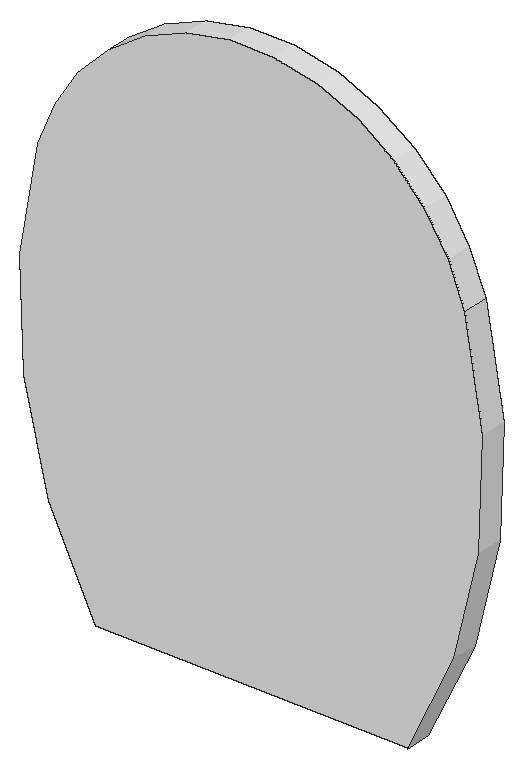
Revit family "Deca_Bacia Sanitária Aspen_P.750_Caixa Acoplada(1)", category Plumbing Fixtures, host Face, Revit 2010
Parameters (values of type "AP.75_Branco Gelo GE17")
  Vendido Separadamente = ""
  Variações de COR = "Branco (AP.75.17), Caramelo (AP.75.23), Creme (AP.75.37), Azul (AP.75.51), Verde (AP.75.60), Cinza (AP.75.87), Ébano (AP.75.95), Rosa (AP.75.89)"
  URL = "www.deca.com.br/produtos"
  Segmento = "Competitivo"
  Produto = "Assento Plástico para Bacia Aspen com Microban"
  Peso Liquido (Kg) = 1.12
  Norma = "Não se Aplica"
  Criado por = "Contino/quattroD"
  Assento Não = no
  Model = "AP.75.17"
  Material = "Deca_Polipropileno"
  Manufacturer = "Deca"
  Louça/Metais = "Louça"
  Linha = "Aspen"
  Informações Complementares = ""
  Description = "Assento Plástico para Bacia Aspen com Microban"
  Código = "AP.75.17"
  Atendimento ao Cliente = "0800-0117073"
  Assento = Deca GE17 Branco Gelo Plástico
  Assembly Code = "D2010110"
  Aprovado por = "Contino/quattroD"
  Acompanha o Produto = ""
  AP.75 = yes
Types (9, lengths in mm): name | Variações de COR | URL | Segmento | Produto | Peso Liquido (Kg) | Norma | Criado por | Assento Não | Model | Material | Manufacturer | Louça/Metais | Linha | Description | Código | Atendimento ao Cliente | Assento | Assembly Code | Aprovado por | AP.75
  AP.75_Azul AZ51 | "Branco (AP.75.17), Caramelo (AP.75.23), Creme (AP.75.37), Azul (AP.75.51), Verde (AP.75.60), Cinza (AP.75.87), Ébano (AP.75.95), Rosa (AP.75.89)" | "www.deca.com.br/produtos" | "Competitivo" | "Assento Plástico para Bacia Aspen com Microban" | 1.12 | "Não se Aplica" | "Contino/quattroD" | no | "AP.75.51" | "Deca_Polipropileno" | "Deca" | "Louça" | "Aspen" | "Assento Plástico para Bacia Aspen com Microban" | "AP.75.51" | "0800-0117073" | Deca AZ51 Azul Plástico | "D2010110" | "Contino/quattroD" | yes
  AP.75_Rosa RO89 | "Branco (AP.75.17), Caramelo (AP.75.23), Creme (AP.75.37), Azul (AP.75.51), Verde (AP.75.60), Cinza (AP.75.87), Ébano (AP.75.95), Rosa (AP.75.89)" | "www.deca.com.br/produtos" | "Competitivo" | "Assento Plástico para Bacia Aspen com Microban" | 1.12 | "Não se Aplica" | "Contino/quattroD" | no | "AP.75.89" | "Deca_Polipropileno" | "Deca" | "Louça" | "Aspen" | "Assento Plástico para Bacia Aspen com Microban" | "AP.75.89" | "0800-0117073" | Deca RO89 Rosa Plástico | "D2010110" | "Contino/quattroD" | yes
  AP.75_Branco Gelo GE17 | "Branco (AP.75.17), Caramelo (AP.75.23), Creme (AP.75.37), Azul (AP.75.51), Verde (AP.75.60), Cinza (AP.75.87), Ébano (AP.75.95), Rosa (AP.75.89)" | "www.deca.com.br/produtos" | "Competitivo" | "Assento Plástico para Bacia Aspen com Microban" | 1.12 | "Não se Aplica" | "Contino/quattroD" | no | "AP.75.17" | "Deca_Polipropileno" | "Deca" | "Louça" | "Aspen" | "Assento Plástico para Bacia Aspen com Microban" | "AP.75.17" | "0800-0117073" | Deca GE17 Branco Gelo Plástico | "D2010110" | "Contino/quattroD" | yes
  AP.75_Creme CR37 | "Branco (AP.75.17), Caramelo (AP.75.23), Creme (AP.75.37), Azul (AP.75.51), Verde (AP.75.60), Cinza (AP.75.87), Ébano (AP.75.95), Rosa (AP.75.89)" | "www.deca.com.br/produtos" | "Competitivo" | "Assento Plástico para Bacia Aspen com Microban" | 1.12 | "Não se Aplica" | "Contino/quattroD" | no | "AP.75.37" | "Deca_Polipropileno" | "Deca" | "Louça" | "Aspen" | "Assento Plástico para Bacia Aspen com Microban" | "AP.75.37" | "0800-0117073" | Deca CR37 Creme Plástico | "D2010110" | "Contino/quattroD" | yes
  AP.75_Ébano EB95 | "Branco (AP.75.17), Caramelo (AP.75.23), Creme (AP.75.37), Azul (AP.75.51), Verde (AP.75.60), Cinza (AP.75.87), Ébano (AP.75.95), Rosa (AP.75.89)" | "www.deca.com.br/produtos" | "Competitivo" | "Assento Plástico para Bacia Aspen com Microban" | 1.12 | "Não se Aplica" | "Contino/quattroD" | no | "AP.75.95" | "Deca_Polipropileno" | "Deca" | "Louça" | "Aspen" | "Assento Plástico para Bacia Aspen com Microban" | "AP.75.95" | "0800-0117073" | Deca EB95 Ébano Plástico | "D2010110" | "Contino/quattroD" | yes
  AP.75_Caramelo CA23 | "Branco (AP.75.17), Caramelo (AP.75.23), Creme (AP.75.37), Azul (AP.75.51), Verde (AP.75.60), Cinza (AP.75.87), Ébano (AP.75.95), Rosa (AP.75.89)" | "www.deca.com.br/produtos" | "Competitivo" | "Assento Plástico para Bacia Aspen com Microban" | 1.12 | "Não se Aplica" | "Contino/quattroD" | no | "AP.75.23" | "Deca_Polipropileno" | "Deca" | "Louça" | "Aspen" | "Assento Plástico para Bacia Aspen com Microban" | "AP.75.23" | "0800-0117073" | Deca CA23 Caramelo Plástico | "D2010110" | "Contino/quattroD" | yes
  AP.75_Cinza Real CZ87 | "Branco (AP.75.17), Caramelo (AP.75.23), Creme (AP.75.37), Azul (AP.75.51), Verde (AP.75.60), Cinza (AP.75.87), Ébano (AP.75.95), Rosa (AP.75.89)" | "www.deca.com.br/produtos" | "Competitivo" | "Assento Plástico para Bacia Aspen com Microban" | 1.12 | "Não se Aplica" | "Contino/quattroD" | no | "AP.75.87" | "Deca_Polipropileno" | "Deca" | "Louça" | "Aspen" | "Assento Plástico para Bacia Aspen com Microban" | "AP.75.87" | "0800-0117073" | Deca CZ87 Cinza Real Plástico | "D2010110" | "Contino/quattroD" | yes
  Assento Não | "" | 0 | "" | "" | 0 | "" | "" | yes | "" | "" | 0 | "" | "" | "" | "" | "" | none | 0 | "" | no
  AP.75_Verde Malva VD60 | "Branco (AP.75.17), Caramelo (AP.75.23), Creme (AP.75.37), Azul (AP.75.51), Verde (AP.75.60), Cinza (AP.75.87), Ébano (AP.75.95), Rosa (AP.75.89)" | "www.deca.com.br/produtos" | "Competitivo" | "Assento Plástico para Bacia Aspen com Microban" | 1.12 | "Não se Aplica" | "Contino/quattroD" | no | "AP.75.60" | "Deca_Polipropileno" | "Deca" | "Louça" | "Aspen" | "Assento Plástico para Bacia Aspen com Microban" | "AP.75.60" | "0800-0117073" | Deca VD60 Verde Malva Plástico | "D2010110" | "Contino/quattroD" | yes
Reference planes
  plane 1 "Center (Front/Back)": y = 0
  plane 2: z = 0
  plane 3 "Center (Left/Right)": x = 0
Forms (mm)
  Extrusion 1, solid, material "Deca GE17 Branco Gelo Plástico" <- "Assento", visible <- "AP.75"
    sketch origin (0, -382.238, -138.906) x (1, 0, 0) y (0, 0, 1)
      loop
        arc (122.54, 128.75) -> (178.722, 285.53) -> (167.395, 451.687) r 406.949
        arc (167.395, 451.687) -> (0, 578.5) -> (-167.395, 451.687) r 173.889
        arc (-167.395, 451.687) -> (-178.722, 285.53) -> (-122.54, 128.75) r 406.949
        line (-122.54, 128.75) -> (122.54, 128.75)
    from -403.303 to -383.023
Lines and regions (mm)
  Masking region 1, visible <- "AP.75"
    outline origin (0, 0, -15) x (1, 0, 0) y (0, 0, 1)
      loop
        line (-64.536, 11.325) -> (64.536, 11.325)
        arc (64.536, 11.325) -> (75.729, 4.831) -> (86.677, 11.731) r 12.5
        arc (86.677, 11.731) -> (105.018, 20.204) -> (120.903, 32.687) r 86.806
        arc (120.903, 32.687) -> (162.46, 91.144) -> (182.124, 160.118) r 211.806
        arc (182.124, 160.118) -> (185.468, 223.611) -> (181.892, 287.09) r 584.258
        arc (181.892, 287.09) -> (174.182, 328.068) -> (160.412, 367.425) r 277.171
        arc (160.412, 367.425) -> (118.628, 421.425) -> (56.253, 449.197) r 139.805
        arc (56.253, 449.197) -> (28.23, 452.896) -> (0, 454.32) r 349.806
        arc (0, 454.32) -> (-28.23, 452.896) -> (-56.253, 449.197) r 349.806
        arc (-56.253, 449.197) -> (-118.628, 421.425) -> (-160.412, 367.425) r 139.805
        arc (-160.412, 367.425) -> (-174.182, 328.068) -> (-181.892, 287.09) r 277.171
        arc (-181.892, 287.09) -> (-185.468, 223.611) -> (-182.124, 160.118) r 584.258
        arc (-182.124, 160.118) -> (-162.46, 91.144) -> (-120.903, 32.687) r 211.806
        arc (-120.903, 32.687) -> (-105.018, 20.204) -> (-86.677, 11.731) r 86.806
        arc (-86.677, 11.731) -> (-75.729, 4.831) -> (-64.536, 11.325) r 12.5
  Masking region 2, visible <- "AP.75"
    outline origin (0, -749.901, -215.894) x (0, 0, -1) y (0, 1, 0)
      loop
        arc (-637.514, 782.849) -> (-641.802, 780.516) -> (-643.523, 775.948) r 7
        line (-643.523, 775.948) -> (-643.523, 775.078)
        arc (-643.523, 775.078) -> (-634.644, 773.972) -> (-625.708, 773.519) r 122.142
        arc (-625.708, 773.519) -> (-634.469, 772.879) -> (-643.132, 771.425) r 94.053
        arc (-643.132, 771.425) -> (-651.24, 766.629) -> (-654.864, 757.932) r 14.925
        line (-654.864, 757.932) -> (-655.275, 751.216)
        arc (-655.275, 751.216) -> (-655.14, 750.843) -> (-654.776, 750.685) r 0.5
        line (-654.776, 750.685) -> (-230.784, 750.685) -> (-230.784, 749.901) -> (-205.784, 749.901) -> (-205.784, 751.067)
        arc (-205.784, 751.067) -> (-208.448, 752.689) -> (-211.319, 753.909) r 21.531
        arc (-211.319, 753.909) -> (-212.239, 754.201) -> (-213.17, 754.451) r 21.531
        arc (-213.17, 754.451) -> (-212.039, 764.695) -> (-216.269, 774.093) r 19.571
        arc (-216.269, 774.093) -> (-217.677, 777.888) -> (-219.284, 781.604) r 76.149
        line (-219.284, 781.604) -> (-219.284, 784.36)
        arc (-219.284, 784.36) -> (-221.091, 789.053) -> (-225.579, 791.324) r 7
        arc (-225.579, 791.324) -> (-431.804, 799.612) -> (-637.514, 782.849) r 1700
  Masking region 3, visible <- "AP.75"
    outline origin (0, 0.785, 462.18) x (-1, 0, 0) y (0, -1, 0)
      loop
        arc (184.938, 0) -> (185.304, -0.159) -> (185.438, -0.536) r 0.5
        line (185.438, -0.536) -> (184.841, -10.285)
        arc (184.841, -10.285) -> (181.982, -18.184) -> (175.298, -23.274) r 14.876
        arc (175.298, -23.274) -> (175.737, -23.351) -> (176.132, -23.559) r 1.448
        line (176.132, -23.559) -> (176.132, -28.392)
        arc (176.132, -28.392) -> (174.144, -33.163) -> (169.577, -35.582) r 7.652
        arc (169.577, -35.582) -> (114.891, -42.405) -> (59.992, -47.215) r 1500.329
        arc (59.992, -47.215) -> (-0.031, -49.287) -> (-60.054, -47.215) r 870.329
        arc (-60.054, -47.215) -> (-114.953, -42.405) -> (-169.638, -35.582) r 1500.329
        arc (-169.638, -35.582) -> (-174.206, -33.163) -> (-176.194, -28.392) r 7.652
        line (-176.194, -28.392) -> (-176.194, -23.559)
        arc (-176.194, -23.559) -> (-175.799, -23.351) -> (-175.36, -23.274) r 1.448
        arc (-175.36, -23.274) -> (-182.043, -18.184) -> (-184.903, -10.285) r 14.876
        line (-184.903, -10.285) -> (-185.499, -0.536)
        arc (-185.499, -0.536) -> (-185.366, -0.159) -> (-185, 0) r 0.5
        line (-185, 0) -> (185, 0)
  symbolic lines, visible <- "AP.75"
    curve 1: arc (-114.489, 0, 22.69) -> (-154.617, 0, 79.481) -> (-173.11, 0, 146.516) r 202
    curve 2: arc (-172.646, 0, 269.059) -> (-167.129, 0, 300.958) -> (-157.796, 0, 331.956) r 267.358
    curve 3: arc (-54.957, 0, 422.606) -> (-27.579, 0, 426.204) -> (0, 0, 427.569) r 340
    curve 4: arc (-81.624, 0, 3.329) -> (-99.274, 0, 10.942) -> (-114.489, 0, 22.69) r 77
    curve 5: arc (-172.646, 0, 269.059) -> (-176.157, 0, 207.8) -> (-173.11, 0, 146.516) r 574.133
    curve 6: arc (-157.796, 0, 331.956) -> (-119.194, 0, 391.822) -> (-54.957, 0, 422.606) r 130.885
    curve 7: arc (114.489, 0, 22.69) -> (154.617, 0, 79.481) -> (173.11, 0, 146.516) r 202
    curve 8: arc (172.646, 0, 269.059) -> (167.129, 0, 300.958) -> (157.796, 0, 331.956) r 267.358
    curve 9: arc (54.957, 0, 422.606) -> (27.579, 0, 426.204) -> (0, 0, 427.569) r 340
    curve 10: line (-81.624, 0, 3.329) -> (81.624, 0, 3.329)
    curve 11: arc (81.624, 0, 3.329) -> (99.274, 0, 10.942) -> (114.489, 0, 22.69) r 77
    curve 12: arc (172.646, 0, 269.059) -> (176.157, 0, 207.8) -> (173.11, 0, 146.516) r 574.133
    curve 13: arc (157.796, 0, 331.956) -> (119.194, 0, 391.822) -> (54.957, 0, 422.606) r 130.885
    curve 14: line (-64.536, 0, -3.675) -> (-86.677, 0, -3.269)
    curve 15: line (64.536, 0, -3.675) -> (86.677, 0, -3.269)
    curve 16: line (-60.5, 0, -2.982) -> (-60.5, 0, 3.329)
    curve 17: line (-50.5, 0, -2.982) -> (-50.5, 0, 3.329)
    curve 18: line (-50.5, 0, -2.982) -> (-60.5, 0, -2.982)
    curve 19: line (60.5, 0, -2.982) -> (60.5, 0, 3.329)
    curve 20: line (50.5, 0, -2.982) -> (50.5, 0, 3.329)
    curve 21: line (50.5, 0, -2.982) -> (60.5, 0, -2.982)
    curve 22: line (0, 31.703, 3.39) -> (0, 27.984, 3.39)
    curve 23: line (0, 1.166, -10.11) -> (0, 1.166, -2.09)
    curve 24: line (0, 4.613, -2.74) -> (0, 1.166, -2.09)
    curve 25: arc (0, 1.166, -2.09) -> (0, 0.823, -1.812) -> (0, 0.785, -1.373) r 0.566
    curve 26: line (0, 0.785, -1.373) -> (0, 0.785, 14.89)
    curve 27: line (-58.867, 31.731, 0) -> (-59.992, 47.999, 0)
    curve 28: line (60.054, 47.999, 0) -> (58.929, 31.731, 0)
  symbolic lines, visible <- "Assento Não"
    curve 29: arc (44.697, 0, 382.209) -> (-0.045, 0, 391.224) -> (-44.787, 0, 382.209) r 115.534
    curve 30: arc (44.697, 0, 382.209) -> (85.799, 0, 355.191) -> (116.965, 0, 317.138) r 162.927
    curve 31: arc (116.965, 0, 317.138) -> (133.516, 0, 279.644) -> (140.761, 0, 239.304) r 172.615
    curve 32: arc (140.761, 0, 239.304) -> (141.939, 0, 198.796) -> (136.533, 0, 158.634) r 249.132
    curve 33: arc (136.533, 0, 158.634) -> (103.148, 0, 97.844) -> (44.834, 0, 60.299) r 141.123
    curve 34: arc (44.834, 0, 60.299) -> (24.979, 0, 55.206) -> (4.596, 0, 53.042) r 141.152
    curve 35: arc (-44.787, 0, 382.209) -> (-85.889, 0, 355.191) -> (-117.055, 0, 317.138) r 162.927
    curve 36: arc (-117.055, 0, 317.138) -> (-133.606, 0, 279.644) -> (-140.851, 0, 239.304) r 172.615
    curve 37: arc (-140.851, 0, 239.304) -> (-142.029, 0, 198.796) -> (-136.624, 0, 158.634) r 249.132
    curve 38: arc (-136.624, 0, 158.634) -> (-84.536, 0, 81.067) -> (4.596, 0, 53.042) r 141.123
    curve 39: arc (-46.358, 0, 373.331) -> (-0.045, 0, 383.919) -> (46.267, 0, 373.331) r 106.583
    curve 40: arc (46.267, 0, 373.331) -> (82.734, 0, 347.913) -> (109.41, 0, 312.355) r 140.184
    curve 41: arc (109.41, 0, 312.355) -> (124.152, 0, 274.245) -> (129.791, 0, 233.773) r 177.563
    curve 42: arc (46.157, 0, 77.727) -> (-0.045, 0, 69.166) -> (-46.247, 0, 77.727) r 128.947
    curve 43: arc (46.157, 0, 77.727) -> (100.175, 0, 116.954) -> (127.364, 0, 177.925) r 129.049
    curve 44: arc (129.791, 0, 233.773) -> (129.844, 0, 205.794) -> (127.364, 0, 177.925) r 308.71
    curve 45: arc (-46.358, 0, 373.331) -> (-82.825, 0, 347.913) -> (-109.5, 0, 312.355) r 140.184
    curve 46: arc (-109.5, 0, 312.355) -> (-124.242, 0, 274.245) -> (-129.882, 0, 233.773) r 177.563
    curve 47: arc (-46.247, 0, 77.727) -> (-100.265, 0, 116.954) -> (-127.454, 0, 177.925) r 129.049
    curve 48: arc (-129.882, 0, 233.773) -> (-129.935, 0, 205.794) -> (-127.454, 0, 177.925) r 308.71
    curve 49: arc (-67.045, 0, 1.892) -> (-75.045, 0, 9.892) -> (-83.045, 0, 1.892) r 8
    curve 50: arc (-83.045, 0, 1.892) -> (-75.045, 0, -6.108) -> (-67.045, 0, 1.892) r 8
    curve 51: arc (82.955, 0, 1.892) -> (74.955, 0, 9.892) -> (66.955, 0, 1.892) r 8
    curve 52: arc (66.955, 0, 1.892) -> (74.955, 0, -6.108) -> (82.955, 0, 1.892) r 8
    curve 53: arc (-51.868, 0, 255.807) -> (-47.006, 0, 264.646) -> (-39.146, 0, 270.969) r 26.001
    curve 54: arc (-39.146, 0, 270.969) -> (0.144, 0, 276.388) -> (39.4, 0, 270.734) r 142.065
    curve 55: arc (50.717, 0, 258.373) -> (46.081, 0, 265.49) -> (39.4, 0, 270.734) r 26.001
    curve 56: arc (-51.868, 0, 255.807) -> (-54.895, 0, 225.605) -> (-56.101, 0, 195.276) r 504.587
    curve 57: arc (50.717, 0, 258.373) -> (53.994, 0, 226.896) -> (55.291, 0, 195.276) r 504.587
    curve 58: arc (-56.101, 0, 195.276) -> (-52.773, 0, 185.058) -> (-43.946, 0, 178.93) r 16.85
    curve 59: arc (55.291, 0, 195.276) -> (50.504, 0, 183.717) -> (38.946, 0, 178.93) r 16.346
    curve 60: arc (38.946, 0, 178.93) -> (-2.5, 0, 173.627) -> (-43.946, 0, 178.93) r 164.605
    curve 61: arc (-141.21, 0, -44.892) -> (0, 0, -32.917) -> (141.233, 0, -44.628) r 847.858
    curve 62: arc (-174.441, 0, 159.838) -> (-176.673, 0, 236.825) -> (-161.106, 0, 312.254) r 332.01
    curve 63: arc (-161.106, 0, 312.254) -> (-99.257, 0, 396.882) -> (0.341, 0, 429.552) r 171.079
    curve 64: arc (176.474, 0, 170.218) -> (176.857, 0, 242.035) -> (161.788, 0, 312.254) r 332.01
    curve 65: arc (161.788, 0, 312.254) -> (99.939, 0, 396.882) -> (0.341, 0, 429.552) r 171.079
    curve 66: line (161.273, 0, 92.593) -> (131.783, 0, -43.345)
    curve 67: line (-161.273, 0, 92.593) -> (-131.783, 0, -43.345)
    curve 68: line (-161.273, 0, 92.593) -> (-174.441, 0, 159.838)
    curve 69: line (161.273, 0, 92.593) -> (176.474, 0, 170.218)
  symbolic lines
    curve 70: line (0, 23.618, 409.814) -> (0, 27.984, 3.39)
    curve 71: arc (-168.875, 36.232, 0) -> (-114.038, 29.906, 0) -> (-58.867, 31.731, 0) r 373.492
    curve 72: arc (-58.867, 31.731, 0) -> (0.031, 33.412, 0) -> (58.929, 31.731, 0) r 1032.662
    curve 73: arc (168.875, 36.232, 0) -> (114.038, 29.906, 0) -> (58.867, 31.731, 0) r 373.492
    curve 74: line (-175.298, 24.058, 0) -> (175.36, 24.058, 0)
Types in the file's own list only (16): name | WFU | Vendido Separadamente | Variações de COR | Raio Água Fria | Raio Ponto de Esgoto | Produto | Pressão | Peso Liquido (Kg) | Norma | Model | Material | Flow Pressure | Diâmetro Água Fria | Diâmetro Ponto de Esgoto | Description | Default Elevation | Código | Consumo | Caixa-Family | Caixa | CWFU | Bacia | Atendimento ao Cliente
  P.750_Creme CR37_Acionamento Simples 6lpf | 0 | "Anel de vedação: (AV.90.01 );Ligação Flexível: 30 cm (4607.C.030), 40 cm (4607.C.040), 50 cm (4607.C.050).Parafuso de fixação: Cromado (SP.13.01) e Dourado (SP.130.03).Assento Compatível:Assento Plástico: Branco (AP.75.17); Caramelo (AP.75.23); Creme (AP.75.37); Azul (AP.75.51); Verde (AP.75.60); Cinza (AP.75.87); Ébano (AP.75.95)." | "Branco (P.750.17); Caramelo (P.750.23); Creme (P.750.37); Azul (P.750.51); Verde (P.750.60); Cinza (P.750.87); Ébano (P.750.95); Rosa (P.750.89)." | 8 mm | 50 mm | "Bacia sanitária para caixa acoplada linha Aspen" | "2 a 40 mca" | 17 | " ABNT NBR 15097-1: 2011 / ABNT NBR 15097-2: 2011" | "P.750.37" | "Deca_Vitreous China" | 0.00 psi | 15 mm | 100 mm | "Bacia sanitária com caixa acoplada" | 0 mm | "P.750.37" | "6plf" | Deca_Shared_Caixa Acoplada para Bacia_P.750 : CD.00_Creme CR37_Acionamento Simples 6lpf | Deca CR37 Creme Cerâmica | 0 | Deca CR37 Creme Cerâmica | "0800-011-7073"
  P.750_Creme CR37_Dual Flux 3plf/6plf | 0 | "Anel de vedação: (AV.90.01 );Ligação Flexível: 30 cm (4607.C.030), 40 cm (4607.C.040), 50 cm (4607.C.050).Parafuso de fixação: Cromado (SP.13.01) e Dourado (SP.130.03).Assento Compatível:Assento Plástico: Branco (AP.75.17); Caramelo (AP.75.23); Creme (AP.75.37); Azul (AP.75.51); Verde (AP.75.60); Cinza (AP.75.87); Ébano (AP.75.95)." | "Branco (P.750.17); Caramelo (P.750.23); Creme (P.750.37); Azul (P.750.51); Verde (P.750.60); Cinza (P.750.87); Ébano (P.750.95); Rosa (P.750.89)." | 8 mm | 50 mm | "Bacia sanitária para caixa acoplada linha Aspen" | "2 a 40 mca" | 17 | " ABNT NBR 15097-1: 2011 / ABNT NBR 15097-2: 2011" | "P.750.37" | "Deca_Vitreous China" | 0.00 psi | 15 mm | 100 mm | "Bacia sanitária com caixa acoplada" | 0 mm | "P.750.37" | "6plf" | Deca_Shared_Caixa Acoplada para Bacia_P.750 : CD.00F_Creme CR37_Dual Flux 3lpf/6lpf | Deca CR37 Creme Cerâmica | 0 | Deca CR37 Creme Cerâmica | "0800-011-7073"
  P.750_Branco Gelo GE17_Dual Flux 3plf/6plf | 0 | "Anel de vedação: (AV.90.01 );Ligação Flexível: 30 cm (4607.C.030), 40 cm (4607.C.040), 50 cm (4607.C.050).Parafuso de fixação: Cromado (SP.13.01) e Dourado (SP.130.03).Assento Compatível:Assento Plástico: Branco (AP.75.17); Caramelo (AP.75.23); Creme (AP.75.37); Azul (AP.75.51); Verde (AP.75.60); Cinza (AP.75.87); Ébano (AP.75.95)." | "Branco (P.750.17); Caramelo (P.750.23); Creme (P.750.37); Azul (P.750.51); Verde (P.750.60); Cinza (P.750.87); Ébano (P.750.95); Rosa (P.750.89)." | 8 mm | 50 mm | "Bacia sanitária para caixa acoplada linha Aspen" | "2 a 40 mca" | 17 | " ABNT NBR 15097-1: 2011 / ABNT NBR 15097-2: 2011" | "P.750.17" | "Deca_Vitreous China" | 0.00 psi | 15 mm | 100 mm | "Bacia sanitária com caixa acoplada" | 0 mm | "P.750.17" | "6plf" | Deca_Shared_Caixa Acoplada para Bacia_P.750 : CD.00F_Branco Gelo GE17_Dual Flux 3lpf/6lpf | Deca GE17 Branco Gelo Cerâmica | 0 | Deca GE17 Branco Gelo Cerâmica | "0800-011-7073"
  P.750_Branco Gelo GE17_Acionamento Simples 6lpf | 0 | "Anel de vedação: (AV.90.01 );Ligação Flexível: 30 cm (4607.C.030), 40 cm (4607.C.040), 50 cm (4607.C.050).Parafuso de fixação: Cromado (SP.13.01) e Dourado (SP.130.03).Assento Compatível:Assento Plástico: Branco (AP.75.17); Caramelo (AP.75.23); Creme (AP.75.37); Azul (AP.75.51); Verde (AP.75.60); Cinza (AP.75.87); Ébano (AP.75.95)." | "Branco (P.750.17); Caramelo (P.750.23); Creme (P.750.37); Azul (P.750.51); Verde (P.750.60); Cinza (P.750.87); Ébano (P.750.95); Rosa (P.750.89)." | 8 mm | 50 mm | "Bacia sanitária para caixa acoplada linha Aspen" | "2 a 40 mca" | 17 | " ABNT NBR 15097-1: 2011 / ABNT NBR 15097-2: 2011" | "P.750.17" | "Deca_Vitreous China" | 0.00 psi | 15 mm | 100 mm | "Bacia sanitária com caixa acoplada" | 0 mm | "P.750.17" | "6plf" | Deca_Shared_Caixa Acoplada para Bacia_P.750 : CD.00_Branco Gelo GE17_Acionamento Simples 6lpf | Deca GE17 Branco Gelo Cerâmica | 0 | Deca GE17 Branco Gelo Cerâmica | "0800-011-7073"
  P.750_Ébano EB95_Acionamento Simples 6lpf | 0 | "Anel de vedação: (AV.90.01 );Ligação Flexível: 30 cm (4607.C.030), 40 cm (4607.C.040), 50 cm (4607.C.050).Parafuso de fixação: Cromado (SP.13.01) e Dourado (SP.130.03).Assento Compatível:Assento Plástico: Branco (AP.75.17); Caramelo (AP.75.23); Creme (AP.75.37); Azul (AP.75.51); Verde (AP.75.60); Cinza (AP.75.87); Ébano (AP.75.95)." | "Branco (P.750.17); Caramelo (P.750.23); Creme (P.750.37); Azul (P.750.51); Verde (P.750.60); Cinza (P.750.87); Ébano (P.750.95); Rosa (P.750.89)." | 8 mm | 50 mm | "Bacia sanitária para caixa acoplada linha Aspen" | "2 a 40 mca" | 17 | " ABNT NBR 15097-1: 2011 / ABNT NBR 15097-2: 2011" | "P.750.95" | "Deca_Vitreous China" | 0.00 psi | 15 mm | 100 mm | "Bacia sanitária com caixa acoplada" | 0 mm | "P.750.95" | "6plf" | Deca_Shared_Caixa Acoplada para Bacia_P.750 : CD.00_Ébano EB95_Acionamento Simples 6lpf | Deca EB95 Ébano Cerâmica | 0 | Deca EB95 Ébano Cerâmica | "0800-011-7073"
  P.750_Ébano EB95_Dual Flux 3plf/6plf | 0 | "Anel de vedação: (AV.90.01 );Ligação Flexível: 30 cm (4607.C.030), 40 cm (4607.C.040), 50 cm (4607.C.050).Parafuso de fixação: Cromado (SP.13.01) e Dourado (SP.130.03).Assento Compatível:Assento Plástico: Branco (AP.75.17); Caramelo (AP.75.23); Creme (AP.75.37); Azul (AP.75.51); Verde (AP.75.60); Cinza (AP.75.87); Ébano (AP.75.95)." | "Branco (P.750.17); Caramelo (P.750.23); Creme (P.750.37); Azul (P.750.51); Verde (P.750.60); Cinza (P.750.87); Ébano (P.750.95); Rosa (P.750.89)." | 8 mm | 50 mm | "Bacia sanitária para caixa acoplada linha Aspen" | "2 a 40 mca" | 17 | " ABNT NBR 15097-1: 2011 / ABNT NBR 15097-2: 2011" | "P.750.95" | "Deca_Vitreous China" | 0.00 psi | 15 mm | 100 mm | "Bacia sanitária com caixa acoplada" | 0 mm | "P.750.95" | "6plf" | Deca_Shared_Caixa Acoplada para Bacia_P.750 : CD.00F_Ébano EB95_Dual Flux 3lpf/6lpf | Deca EB95 Ébano Cerâmica | 0 | Deca EB95 Ébano Cerâmica | "0800-011-7073"
  P.750_Caramelo CA23_Dual Flux 3plf/6plf | 0 | "Anel de vedação: (AV.90.01 );Ligação Flexível: 30 cm (4607.C.030), 40 cm (4607.C.040), 50 cm (4607.C.050).Parafuso de fixação: Cromado (SP.13.01) e Dourado (SP.130.03).Assento Compatível:Assento Plástico: Branco (AP.75.17); Caramelo (AP.75.23); Creme (AP.75.37); Azul (AP.75.51); Verde (AP.75.60); Cinza (AP.75.87); Ébano (AP.75.95)." | "Branco (P.750.17); Caramelo (P.750.23); Creme (P.750.37); Azul (P.750.51); Verde (P.750.60); Cinza (P.750.87); Ébano (P.750.95); Rosa (P.750.89)." | 8 mm | 50 mm | "Bacia sanitária para caixa acoplada linha Aspen" | "2 a 40 mca" | 17 | " ABNT NBR 15097-1: 2011 / ABNT NBR 15097-2: 2011" | "P.750.23" | "Deca_Vitreous China" | 0.00 psi | 15 mm | 100 mm | "Bacia sanitária com caixa acoplada" | 0 mm | "P.750.23" | "6plf" | Deca_Shared_Caixa Acoplada para Bacia_P.750 : CD.00F_Caramelo CA23_Dual Flux 3lpf/6lpf | Deca CA23 Caramelo Cerâmica | 0 | Deca CA23 Caramelo Cerâmica | "0800-011-7073"
  P.750_Caramelo CA23_Acionamento Simples 6lpf | 0 | "Anel de vedação: (AV.90.01 );Ligação Flexível: 30 cm (4607.C.030), 40 cm (4607.C.040), 50 cm (4607.C.050).Parafuso de fixação: Cromado (SP.13.01) e Dourado (SP.130.03).Assento Compatível:Assento Plástico: Branco (AP.75.17); Caramelo (AP.75.23); Creme (AP.75.37); Azul (AP.75.51); Verde (AP.75.60); Cinza (AP.75.87); Ébano (AP.75.95)." | "Branco (P.750.17); Caramelo (P.750.23); Creme (P.750.37); Azul (P.750.51); Verde (P.750.60); Cinza (P.750.87); Ébano (P.750.95); Rosa (P.750.89)." | 8 mm | 50 mm | "Bacia sanitária para caixa acoplada linha Aspen" | "2 a 40 mca" | 17 | " ABNT NBR 15097-1: 2011 / ABNT NBR 15097-2: 2011" | "P.750.23" | "Deca_Vitreous China" | 0.00 psi | 15 mm | 100 mm | "Bacia sanitária com caixa acoplada" | 0 mm | "P.750.23" | "6plf" | Deca_Shared_Caixa Acoplada para Bacia_P.750 : CD.00_Caramelo CA23_Acionamento Simples 6lpf | Deca CA23 Caramelo Cerâmica | 0 | Deca CA23 Caramelo Cerâmica | "0800-011-7073"
  P.750_Verde Malva VD60_Dual Flux 3plf/6plf | 0 | "Anel de vedação: (AV.90.01 );Ligação Flexível: 30 cm (4607.C.030), 40 cm (4607.C.040), 50 cm (4607.C.050).Parafuso de fixação: Cromado (SP.13.01) e Dourado (SP.130.03).Assento Compatível:Assento Plástico: Branco (AP.75.17); Caramelo (AP.75.23); Creme (AP.75.37); Azul (AP.75.51); Verde (AP.75.60); Cinza (AP.75.87); Ébano (AP.75.95)." | "Branco (P.750.17); Caramelo (P.750.23); Creme (P.750.37); Azul (P.750.51); Verde (P.750.60); Cinza (P.750.87); Ébano (P.750.95); Rosa (P.750.89)." | 8 mm | 50 mm | "Bacia sanitária para caixa acoplada linha Aspen" | "2 a 40 mca" | 17 | " ABNT NBR 15097-1: 2011 / ABNT NBR 15097-2: 2011" | "P.750.60" | "Deca_Vitreous China" | 0.00 psi | 15 mm | 100 mm | "Bacia sanitária com caixa acoplada" | 0 mm | "P.750.60" | "6plf" | Deca_Shared_Caixa Acoplada para Bacia_P.750 : CD.00F_Verde Malva VD60_Dual Flux 3lpf/6lpf | Deca VD60 Verde Malva Cerâmica | 0 | Deca VD60 Verde Malva Cerâmica | "0800-011-7073"
  P.750_Verde Malva VD60_Acionamento Simples 6lpf | 0 | "Anel de vedação: (AV.90.01 );Ligação Flexível: 30 cm (4607.C.030), 40 cm (4607.C.040), 50 cm (4607.C.050).Parafuso de fixação: Cromado (SP.13.01) e Dourado (SP.130.03).Assento Compatível:Assento Plástico: Branco (AP.75.17); Caramelo (AP.75.23); Creme (AP.75.37); Azul (AP.75.51); Verde (AP.75.60); Cinza (AP.75.87); Ébano (AP.75.95)." | "Branco (P.750.17); Caramelo (P.750.23); Creme (P.750.37); Azul (P.750.51); Verde (P.750.60); Cinza (P.750.87); Ébano (P.750.95); Rosa (P.750.89)." | 8 mm | 50 mm | "Bacia sanitária para caixa acoplada linha Aspen" | "2 a 40 mca" | 17 | " ABNT NBR 15097-1: 2011 / ABNT NBR 15097-2: 2011" | "P.750.60" | "Deca_Vitreous China" | 0.00 psi | 15 mm | 100 mm | "Bacia sanitária com caixa acoplada" | 0 mm | "P.750.60" | "6plf" | Deca_Shared_Caixa Acoplada para Bacia_P.750 : CD.00_Verde Malva VD60_Acionamento Simples 6lpf | Deca VD60 Verde Malva Cerâmica | 0 | Deca VD60 Verde Malva Cerâmica | "0800-011-7073"
  P.750_Azul AZ51_Acionamento Simples 6lpf | 0 | "Anel de vedação: (AV.90.01 );Ligação Flexível: 30 cm (4607.C.030), 40 cm (4607.C.040), 50 cm (4607.C.050).Parafuso de fixação: Cromado (SP.13.01) e Dourado (SP.130.03).Assento Compatível:Assento Plástico: Branco (AP.75.17); Caramelo (AP.75.23); Creme (AP.75.37); Azul (AP.75.51); Verde (AP.75.60); Cinza (AP.75.87); Ébano (AP.75.95)." | "Branco (P.750.17); Caramelo (P.750.23); Creme (P.750.37); Azul (P.750.51); Verde (P.750.60); Cinza (P.750.87); Ébano (P.750.95); Rosa (P.750.89)." | 8 mm | 50 mm | "Bacia sanitária para caixa acoplada linha Aspen" | "2 a 40 mca" | 17 | " ABNT NBR 15097-1: 2011 / ABNT NBR 15097-2: 2011" | "P.750.51" | "Deca_Vitreous China" | 0.00 psi | 15 mm | 100 mm | "Bacia sanitária com caixa acoplada" | 0 mm | "P.750.51" | "6plf" | Deca_Shared_Caixa Acoplada para Bacia_P.750 : CD.00_Azul AZ51_Acionamento Simples 6lpf | Deca AZ51 Azul Cerâmica | 0 | Deca AZ51 Azul Cerâmica | "0800-011-7073"
  P.750_Azul AZ51_Dual Flux 3plf/6plf | 0 | "Anel de vedação: (AV.90.01 );Ligação Flexível: 30 cm (4607.C.030), 40 cm (4607.C.040), 50 cm (4607.C.050).Parafuso de fixação: Cromado (SP.13.01) e Dourado (SP.130.03).Assento Compatível:Assento Plástico: Branco (AP.75.17); Caramelo (AP.75.23); Creme (AP.75.37); Azul (AP.75.51); Verde (AP.75.60); Cinza (AP.75.87); Ébano (AP.75.95)." | "Branco (P.750.17); Caramelo (P.750.23); Creme (P.750.37); Azul (P.750.51); Verde (P.750.60); Cinza (P.750.87); Ébano (P.750.95); Rosa (P.750.89)." | 8 mm | 50 mm | "Bacia sanitária para caixa acoplada linha Aspen" | "2 a 40 mca" | 17 | " ABNT NBR 15097-1: 2011 / ABNT NBR 15097-2: 2011" | "P.750.51" | "Deca_Vitreous China" | 0.00 psi | 15 mm | 100 mm | "Bacia sanitária com caixa acoplada" | 0 mm | "P.750.51" | "6plf" | Deca_Shared_Caixa Acoplada para Bacia_P.750 : CD.00F_Azul AZ51_Dual Flux 3lpf/6lpf | Deca AZ51 Azul Cerâmica | 0 | Deca AZ51 Azul Cerâmica | "0800-011-7073"
  P.750_Rosa RO89_Acionamento Simples 6lpf | 0 | "Anel de vedação: (AV.90.01 );Ligação Flexível: 30 cm (4607.C.030), 40 cm (4607.C.040), 50 cm (4607.C.050).Parafuso de fixação: Cromado (SP.13.01) e Dourado (SP.130.03).Assento Compatível:Assento Plástico: Branco (AP.75.17); Caramelo (AP.75.23); Creme (AP.75.37); Azul (AP.75.51); Verde (AP.75.60); Cinza (AP.75.87); Ébano (AP.75.95)." | "Branco (P.750.17); Caramelo (P.750.23); Creme (P.750.37); Azul (P.750.51); Verde (P.750.60); Cinza (P.750.87); Ébano (P.750.95); Rosa (P.750.89)." | 8 mm | 50 mm | "Bacia sanitária para caixa acoplada linha Aspen" | "2 a 40 mca" | 17 | " ABNT NBR 15097-1: 2011 / ABNT NBR 15097-2: 2011" | "P.750.89" | "Deca_Vitreous China" | 0.00 psi | 15 mm | 100 mm | "Bacia sanitária com caixa acoplada" | 0 mm | "P.750.89" | "6plf" | Deca_Shared_Caixa Acoplada para Bacia_P.750 : CD.00_Rosa RO89_Acionamento Simples 6lpf | Deca RO89 Rosa Cerâmica | 0 | Deca RO89 Rosa Cerâmica | "0800-011-7073"
  P.750_Rosa RO89_Dual Flux 3plf/6plf | 0 | "Anel de vedação: (AV.90.01 );Ligação Flexível: 30 cm (4607.C.030), 40 cm (4607.C.040), 50 cm (4607.C.050).Parafuso de fixação: Cromado (SP.13.01) e Dourado (SP.130.03).Assento Compatível:Assento Plástico: Branco (AP.75.17); Caramelo (AP.75.23); Creme (AP.75.37); Azul (AP.75.51); Verde (AP.75.60); Cinza (AP.75.87); Ébano (AP.75.95)." | "Branco (P.750.17); Caramelo (P.750.23); Creme (P.750.37); Azul (P.750.51); Verde (P.750.60); Cinza (P.750.87); Ébano (P.750.95); Rosa (P.750.89)." | 8 mm | 50 mm | "Bacia sanitária para caixa acoplada linha Aspen" | "2 a 40 mca" | 17 | " ABNT NBR 15097-1: 2011 / ABNT NBR 15097-2: 2011" | "P.750.89" | "Deca_Vitreous China" | 0.00 psi | 15 mm | 100 mm | "Bacia sanitária com caixa acoplada" | 0 mm | "P.750.89" | "6plf" | Deca_Shared_Caixa Acoplada para Bacia_P.750 : CD.00F_Rosa RO89_Dual Flux 3lpf/6lpf | Deca RO89 Rosa Cerâmica | 0 | Deca RO89 Rosa Cerâmica | "0800-011-7073"
  P.750_Cinza Real CZ87_Acionamento Simples 6lpf | 0 | "Anel de vedação: (AV.90.01 );Ligação Flexível: 30 cm (4607.C.030), 40 cm (4607.C.040), 50 cm (4607.C.050).Parafuso de fixação: Cromado (SP.13.01) e Dourado (SP.130.03).Assento Compatível:Assento Plástico: Branco (AP.75.17); Caramelo (AP.75.23); Creme (AP.75.37); Azul (AP.75.51); Verde (AP.75.60); Cinza (AP.75.87); Ébano (AP.75.95)." | "Branco (P.750.17); Caramelo (P.750.23); Creme (P.750.37); Azul (P.750.51); Verde (P.750.60); Cinza (P.750.87); Ébano (P.750.95); Rosa (P.750.89)." | 8 mm | 50 mm | "Bacia sanitária para caixa acoplada linha Aspen" | "2 a 40 mca" | 17 | " ABNT NBR 15097-1: 2011 / ABNT NBR 15097-2: 2011" | "P.750.87" | "Deca_Vitreous China" | 0.00 psi | 15 mm | 100 mm | "Bacia sanitária com caixa acoplada" | 0 mm | "P.750.87" | "6plf" | Deca_Shared_Caixa Acoplada para Bacia_P.750 : CD.00_Cinza Real CZ87_Acionamento Simples 6lpf | Deca CZ87 Cinza Real Cerâmica | 0 | Deca CZ87 Cinza Real Cerâmica | "0800-011-7073"
  P.750_Cinza Real CZ87_Dual Flux 3plf/6plf | 0 | "Anel de vedação: (AV.90.01 );Ligação Flexível: 30 cm (4607.C.030), 40 cm (4607.C.040), 50 cm (4607.C.050).Parafuso de fixação: Cromado (SP.13.01) e Dourado (SP.130.03).Assento Compatível:Assento Plástico: Branco (AP.75.17); Caramelo (AP.75.23); Creme (AP.75.37); Azul (AP.75.51); Verde (AP.75.60); Cinza (AP.75.87); Ébano (AP.75.95)." | "Branco (P.750.17); Caramelo (P.750.23); Creme (P.750.37); Azul (P.750.51); Verde (P.750.60); Cinza (P.750.87); Ébano (P.750.95); Rosa (P.750.89)." | 8 mm | 50 mm | "Bacia sanitária para caixa acoplada linha Aspen" | "2 a 40 mca" | 17 | " ABNT NBR 15097-1: 2011 / ABNT NBR 15097-2: 2011" | "P.750.87" | "Deca_Vitreous China" | 0.00 psi | 15 mm | 100 mm | "Bacia sanitária com caixa acoplada" | 0 mm | "P.750.87" | "6plf" | Deca_Shared_Caixa Acoplada para Bacia_P.750 : CD.00F_Cinza Real CZ87_Dual Flux 3lpf/6lpf | Deca CZ87 Cinza Real Cerâmica | 0 | Deca CZ87 Cinza Real Cerâmica | "0800-011-7073"
